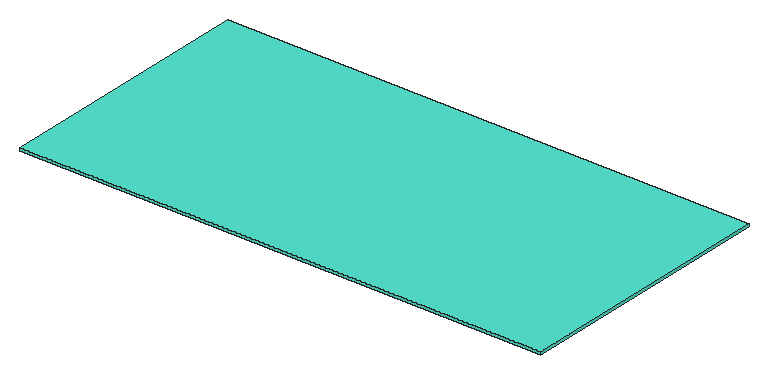
Revit family "Poly Max - Ceiling and Wall Panels", category Specialty Equipment, Revit 2023
Family settings
  Round Connector Dimension = Use Diameter
  Part Type = Normal
  OmniClass Number = 23.35.00.00
  OmniClass Title = Covering, Cladding, and Finishes
  Work Plane-Based = Yes
  Enable Cutting in Views = Yes
  Always vertical = No
  Cut with Voids When Loaded = No
  Maintain Annotation Orientation = No
  Shared = No
  Room Calculation Point = No
Parameters (values of type "HALF INCH THICK - 48X96 - Printed Grpahics")
  ‍      1. Thickness 1" = Thickness Options = 1  # no
  ‍      0. Thickness 1/2" = Thickness Options = 0  # yes
  URL = "https://www.acousticalsurfaces.com/poly-max/ceiling-wall-panels/"
  Type Comments = "Acoustic panels for vertical and horizontal surfaces"
  Thickness Options = 0
  T = if(Thickness Options = 0, 0' 0 1/2", 0' 0") + if(Thickness Options = 1, 0' 1", 0' 0") + if(Thickness Options = 2, 0' 2", 0' 0")  # 0' - 0 1/2"
  Recycled Content Percentage = "0%"
  Model = "Poly Max - Ceiling and Wall Panels"
  Material = "Poly Max"
  Manufacturer = "Acoustical Surfaces, Inc."
  Fire Rating = "ASTM E84 - Class A"
  Finish = Paint - Acoustical-Surfaces - Printed Graphics
  Width = 4' - 0"
  Length = 8' - 0"
  ‍      2. Thickness 2" = Thickness Options = 2  # no
  Description = "Acoustic Panels"
  Default Elevation = 4' - 0"
  Assembly Code = "C30"
  Acoustics - NRC = "Sound absorption varies from NRC 0.45 to 0.95 based on installation method used when tested per ASTM C423."
  A = 0' - 0"
Types (46): name | ‍      1. Thickness 1" | ‍      0. Thickness 1/2" | Thickness Options | T | Finish | Width | Length | ‍      2. Thickness 2"
  HALF INCH THICK - 48X96 - Printed Grpahics | no | yes | 0 | 0' - 0 1/2" | Paint - Acoustical-Surfaces - Printed Graphics | 4' - 0" | 8' - 0" | no
  HALF INCH THICK - 48X96 - Lime | no | yes | 0 | 0' - 0 1/2" | Paint - Acoustical-Surfaces - Lime | 4' - 0" | 8' - 0" | no
  HALF INCH THICK - 48X96 - Orange | no | yes | 0 | 0' - 0 1/2" | Paint - Acoustical-Surfaces - Orange | 4' - 0" | 8' - 0" | no
  HALF INCH THICK - 48X96 - Red | no | yes | 0 | 0' - 0 1/2" | Paint - Acoustical-Surfaces - Red | 4' - 0" | 8' - 0" | no
  HALF INCH THICK - 48X96 - Purple | no | yes | 0 | 0' - 0 1/2" | Paint - Acoustical-Surfaces - Purple | 4' - 0" | 8' - 0" | no
  HALF INCH THICK - 48X96 - Blue | no | yes | 0 | 0' - 0 1/2" | Paint - Acoustical-Surfaces - Blue | 4' - 0" | 8' - 0" | no
  HALF INCH THICK - 48X96 - Black | no | yes | 0 | 0' - 0 1/2" | Paint - Acoustical-Surfaces - Black | 4' - 0" | 8' - 0" | no
  HALF INCH THICK - 48X96 - Grey | no | yes | 0 | 0' - 0 1/2" | Paint - Acoustical-Surfaces - Grey | 4' - 0" | 8' - 0" | no
  HALF INCH THICK - 48X96 - Silver | no | yes | 0 | 0' - 0 1/2" | Paint - Acoustical-Surfaces - Silver | 4' - 0" | 8' - 0" | no
  HALF INCH THICK - 48X96 - Brown | no | yes | 0 | 0' - 0 1/2" | Paint - Acoustical-Surfaces - Brown | 4' - 0" | 8' - 0" | no
  HALF INCH THICK - 48X96 - Tan | no | yes | 0 | 0' - 0 1/2" | Paint - Acoustical-Surfaces - Tan | 4' - 0" | 8' - 0" | no
  HALF INCH THICK - 48X96 - Beige | no | yes | 0 | 0' - 0 1/2" | Paint - Acoustical-Surfaces - Beige | 4' - 0" | 8' - 0" | no
  HALF INCH THICK - 48X96 - White | no | yes | 0 | 0' - 0 1/2" | Paint - Acoustical-Surfaces - White | 4' - 0" | 8' - 0" | no
  HALF INCH THICK - 24x48 - Tan | no | yes | 0 | 0' - 0 1/2" | Paint - Acoustical-Surfaces - Tan | 2' - 0" | 4' - 0" | no
  HALF INCH THICK - 24x48 - Brown | no | yes | 0 | 0' - 0 1/2" | Paint - Acoustical-Surfaces - Brown | 2' - 0" | 4' - 0" | no
  HALF INCH THICK - 24x48 - Grey | no | yes | 0 | 0' - 0 1/2" | Paint - Acoustical-Surfaces - Grey | 2' - 0" | 4' - 0" | no
  HALF INCH THICK - 24x48 - Blue | no | yes | 0 | 0' - 0 1/2" | Paint - Acoustical-Surfaces - Blue | 2' - 0" | 4' - 0" | no
  HALF INCH THICK - 24x48 - Purple | no | yes | 0 | 0' - 0 1/2" | Paint - Acoustical-Surfaces - Purple | 2' - 0" | 4' - 0" | no
  HALF INCH THICK - 24x48 - Red | no | yes | 0 | 0' - 0 1/2" | Paint - Acoustical-Surfaces - Red | 2' - 0" | 4' - 0" | no
  HALF INCH THICK - 24x48 - Orange | no | yes | 0 | 0' - 0 1/2" | Paint - Acoustical-Surfaces - Orange | 2' - 0" | 4' - 0" | no
  HALF INCH THICK - 24x48 Lime | no | yes | 0 | 0' - 0 1/2" | Paint - Acoustical-Surfaces - Lime | 2' - 0" | 4' - 0" | no
  HALF INCH THICK - 24x48 - Printed Graphics | no | yes | 0 | 0' - 0 1/2" | Paint - Acoustical-Surfaces - Printed Graphics | 2' - 0" | 4' - 0" | no
  HALF INCH THICK - 24x48 - Black | no | yes | 0 | 0' - 0 1/2" | Paint - Acoustical-Surfaces - Black | 2' - 0" | 4' - 0" | no
  HALF INCH THICK - 24x48 - Silver | no | yes | 0 | 0' - 0 1/2" | Paint - Acoustical-Surfaces - Silver | 2' - 0" | 4' - 0" | no
  HALF INCH THICK - 24x48 - Beige | no | yes | 0 | 0' - 0 1/2" | Paint - Acoustical-Surfaces - Beige | 2' - 0" | 4' - 0" | no
  HALF INCH THICK - 24x48 -White | no | yes | 0 | 0' - 0 1/2" | Paint - Acoustical-Surfaces - White | 2' - 0" | 4' - 0" | no
  1 INCH THICK - 48X96 - Printed Graphics | yes | no | 1 | 0' - 1" | Paint - Acoustical-Surfaces - Printed Graphics | 4' - 0" | 8' - 0" | no
  1 INCH THICK - 48X96 - Silver | yes | no | 1 | 0' - 1" | Paint - Acoustical-Surfaces - Silver | 4' - 0" | 8' - 0" | no
  1 INCH THICK - 48X96 - Black | yes | no | 1 | 0' - 1" | Paint - Acoustical-Surfaces - Black | 4' - 0" | 8' - 0" | no
  1 INCH THICK - 48X96 Beige | yes | no | 1 | 0' - 1" | Paint - Acoustical-Surfaces - Beige | 4' - 0" | 8' - 0" | no
  1 INCH THICK - 48X96 - White | yes | no | 1 | 0' - 1" | Paint - Acoustical-Surfaces - White | 4' - 0" | 8' - 0" | no
  2 INCH THICK - 48X96 - Printed Graphics | no | no | 2 | 0' - 2" | Paint - Acoustical-Surfaces - Printed Graphics | 4' - 0" | 8' - 0" | yes
  2 INCH THICK - 48X96 - Silver | no | no | 2 | 0' - 2" | Paint - Acoustical-Surfaces - Silver | 4' - 0" | 8' - 0" | yes
  2 INCH THICK - 48X96 - Black | no | no | 2 | 0' - 2" | Paint - Acoustical-Surfaces - Black | 4' - 0" | 8' - 0" | yes
  2 INCH THICK - 48X96 - Beige | no | no | 2 | 0' - 2" | Paint - Acoustical-Surfaces - Beige | 4' - 0" | 8' - 0" | yes
  2 INCH THICK - 48X96 - White | no | no | 2 | 0' - 2" | Paint - Acoustical-Surfaces - White | 4' - 0" | 8' - 0" | yes
  2 INCH THICK - 24x48 - Printed Graphics | no | no | 2 | 0' - 2" | Paint - Acoustical-Surfaces - Printed Graphics | 2' - 0" | 4' - 0" | yes
  2 INCH THICK - 24x48 - Silver | no | no | 2 | 0' - 2" | Paint - Acoustical-Surfaces - Silver | 2' - 0" | 4' - 0" | yes
  2 INCH THICK - 24x48 - Black | no | no | 2 | 0' - 2" | Paint - Acoustical-Surfaces - Black | 2' - 0" | 4' - 0" | yes
  2 INCH THICK - 24x48 - White | no | no | 2 | 0' - 2" | Paint - Acoustical-Surfaces - White | 2' - 0" | 4' - 0" | yes
  1 INCH THICK - 24x48 - Silver | yes | no | 1 | 0' - 1" | Paint - Acoustical-Surfaces - Silver | 2' - 0" | 4' - 0" | no
  1 INCH THICK - 24x48 - Black | yes | no | 1 | 0' - 1" | Paint - Acoustical-Surfaces - Black | 2' - 0" | 4' - 0" | no
  1 INCH THICK - 24x48 - Beige | yes | no | 1 | 0' - 1" | Paint - Acoustical-Surfaces - Beige | 2' - 0" | 4' - 0" | no
  1 INCH THICK - 24x48 - White | yes | no | 1 | 0' - 1" | Paint - Acoustical-Surfaces - White | 2' - 0" | 4' - 0" | no
  2 INCH THICK - 24x48 - Beige | no | no | 2 | 0' - 2" | Paint - Acoustical-Surfaces - Beige | 2' - 0" | 4' - 0" | yes
  1 INCH THICK - 24x48 - Printed Graphics | yes | no | 1 | 0' - 1" | Paint - Acoustical-Surfaces - Printed Graphics | 2' - 0" | 4' - 0" | no
Reference planes (in)
  plane 1 "Center (Front/Back)": y = 0
  plane 2: z = 0
  plane 3 "Center (Left/Right)": x = 0
  plane 4: x = -48
  plane 5: x = 48
  plane 6: y = 24
  plane 7: y = -24
Dimensions and locks (in)
  "A": nested 1 to level
  equal spacing: plane 6, plane 1 "Center (Front/Back)", plane 7
  "Width": plane 6 to plane 7
  equal spacing: plane 4, plane 3 "Center (Left/Right)", plane 5
  "Length": plane 4 to plane 5
  aligned and locked: level to plane 2
Nested families (in)
  nested 1: "Square" at (0, 0, 0), type "Square"
    with Thickness 0' - 0 1/2", B 4' - 0", A 8' - 0"
Definition of nested family "Square"
  Parameters (values of type "Square")
    Thickness = 0' - 1"
    Material = none
    Default Elevation = 0' - 0"
    B = 2' - 0"
    A = 4' - 0"
  Reference planes (in)
    plane 1 "Center (Front/Back)": y = 0
    plane 2: z = 0
    plane 3 "Center (Left/Right)": x = 0
    plane 4: x = -24
    plane 5: x = 24
    plane 6: y = 12
    plane 7: y = -12
    plane 8: z = 1
  Forms (in)
    Extrusion 1, solid, material <- "Material"
      sketch origin (0, 0, 0) x (1, 0, 0) y (0, 1, 0)
        loop
          line (24, 12) -> (-24, 12) -> (-24, -12) -> (24, -12) -> (24, 12)
      from 0 to 1
  Dimensions and locks (in)
    equal spacing: plane 4, plane 3 "Center (Left/Right)", plane 5
    equal spacing: plane 7, plane 1 "Center (Front/Back)", plane 6
    "B": plane 7 to plane 6
    "A": plane 4 to plane 5
    "Thickness": plane 8 to level
    aligned and locked: level to plane 2
    aligned and locked: Extrusion 1 sketch curve to plane 4
    aligned and locked: plane 5 to Extrusion 1 sketch curve
    aligned and locked: Extrusion 1 sketch curve to plane 6
    aligned and locked: Extrusion 1 sketch curve to plane 7
    aligned and locked: Extrusion 1 to plane 8
